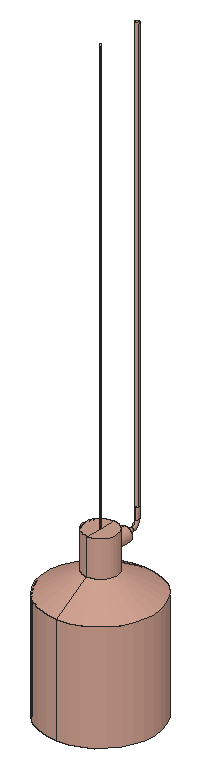
Revit family "Lighting_Pendants_Zero_Silo_Pendant", category Lighting Fixtures, Revit 2020
Family settings
  Round Connector Dimension = Use Diameter
  Part Type = Normal
  OmniClass Number = 23.80.70.00
  OmniClass Title = Lighting
  Work Plane-Based = Yes
  Always vertical = Yes
  Cut with Voids When Loaded = No
  Light Source = Yes
  Shared = No
  Room Calculation Point = No
Parameters (values of type "Silo Pendant E27/Max 50W Apricot")
  Youtube clip = ""
  Weight Net (Kg) = "0.8"
  Wattage = 3.82384 W
  WarrantyStartDate [instance] = "n/a"
  WarrantyGuarantorParts = "n/a"
  WarrantyGuarantorLabor = "n/a"
  WarrantyDurationUnit = "Year"
  WarrantyDurationParts = "n/a"
  WarrantyDurationLabor = "n/a"
  WarrantyDescription = "n/a"
  built-in parameter 1150110 = 1 (stored number, unit not read)
  VersionDate = "31/08/2023"  # constant formula
  Version = "3"  # constant formula
  UsageCurrent = 0 A
  Uniformat II Description = ""
  Uniformat II Code = ""
  Uniclass2015Reference = "Pr_70_70_48_86"
  Uniclass2015Description = "Suspended luminaires"
  Uniclass2 = "Pr_70_70_49_86"
  Uniclass 2015 Name = ""
  Uniclass 2015 Code = ""
  Uniclass 2.0 Description = ""
  Uniclass 2.0 Code = ""
  Uniclass 1.4 Description = ""
  Uniclass 1.4 Code = ""
  URL = "https://www.zerolighting.com/silo-inompe/"
  UNSPSC Code = ""
  TotalWattage = 50 W
  built-in parameter 1114217 = 1 (stored number, unit not read)
  Tilt Angle = 90.00°
  built-in parameter 1150109 = 1 (stored number, unit not read)
  built-in parameter 1150134 = (empty or 0)
  Technical description = ""
  TagNumber [instance] = "n/a"
  SustainabilityPerformance = "n/a"
  built-in parameter 1150113 = 1 (stored number, unit not read)
  Size = "150x150x230 mm"
  Shape = "Sculptured"
  SerialNumber [instance] = "n/a"
  Revision = "5"  # constant formula
  ReplacementCost = "n/a"
  Region South America = "All"
  Region Oceania = "All"
  Region North America = "All"
  Region Middle East = "All"
  Region Europe = "All"
  Region Asia = "All"
  Region Antarctica = "All"
  Region Africa = "All"
  ProductInformation = "A small, iconic fixture inspired by the classical silhouette of a grain silo. This shape was refined during the design phase to finally become a minimalistic pendant with a distinct industrial character"
  Product group = "Pendant"
  Product family = "Silo"
  Product certification = ""
  Product SKU = "Silo_pendant"
  Product Guid = "d74affab-f3a6-4d36-baa1-2a983cf42c83"
  Photometric Web File = "Silo8205-LED_IES.IES"
  PhaseReference = "n/a"
  PhaseAngle = 0.00°
  OmniClass Description = ""
  OmniClass Code = ""
  NumberOfSources = 0
  NumberOfPoles = 1
  NominalVoltageCalc = 0 V
  NominalVoltage = 230 V
  NominalRadius = 75 mm
  NominalLength = 150 mm
  NominalFrequencyRange = 50 Hz
  NominalDiameter = 150 mm
  NominalCurrent = 0 A
  Nominal width = 150 mm
  Nominal height = 230 mm
  Name = "Zero_Silo_Pendant"  # constant formula
  NBSReference = "90-60-50/405"
  NBSDescription = "General purpose luminaires"
  NBS Reference Description = ""
  NBS Reference Code = ""
  ModelReference = "n/a"
  ModelNumber = "8205-1-17"
  Model = "Silo Pendant E27/Max 50W Apricot"
  Material secondary = ""
  Material main = "Aluminium"
  Material = "Aluminium and steel"
  Masterformat 2014 Description = ""
  Masterformat 2014 Code = ""
  ManufacturersSpecificInformation = "n/a"
  ManufacturerURL = "https://www.zerolighting.com/"
  ManufacturerName = "Zero"
  Manufacturer name = "ZERO"
  Manufacturer country = "Sweden"
  Manufacturer = "Zero"
  MaintenanceFactor = 0
  Lumens = 568 lm
  built-in parameter 1150115 = 1 (stored number, unit not read)
  built-in parameter 1150105 = 45.2 (stored number, unit not read)
  LightFixturePlacingType = "Ceiling"
  LightFixtureMountingType = "Suspended"
  LightFixtureMainMaterial = Apricot RAL 3012
  built-in parameter 1150137 = (empty or 0)
  built-in parameter 1150139 = (empty or 0)
  built-in parameter 1150112 = 1 (stored number, unit not read)
  built-in parameter 1150114 = 1 (stored number, unit not read)
  InsulationStandardClass = "n/a"
  InstallationDate [instance] = "n/a"
  Installation instructions = ""
  built-in parameter 1150132 = 2
  built-in parameter 1150102 = (empty or 0)
  built-in parameter 1150138 = (empty or 0)
  built-in parameter 1150107 = 3000 (stored number, unit not read)
  built-in parameter 1150106 = 0.452 (stored number, unit not read)
  IfcExportType = "NOTDEFINED"  # constant formula
  IfcExportAs = "IfcLightFixtureType"  # constant formula
  IP_Code = "IP20"
  IFC Classification = ""
  HasProtectiveEarth = no
  Grade = "n/a"
  GTIN code = ""
  Finish = "Painted aluminum and steel. Diffusor in matt acrylic."
  Features = "Terminal block 2x2,25mm2. Installation: Pendant, 2 m cable."
  ExpectedLife = "n/a"
  ElectricalDeviceNominalPower = 0
  built-in parameter 1150104 = 13.8 (stored number, unit not read)
  Edition number = 1
  EANNumber = "n/a"
  DurationUnit = "Year"
  Dimming Lamp Color Temperature Shift = <None>
  Designer = "Note Design Studio"
  Design country = "Sweden"
  Description = "A small, iconic fixture inspired by the classical silhouette of a grain silo. This shape was refined during the design phase to finally become a minimalistic pendant with a distinct industrial character"
  DefaultElevation = 0 mm
  Default Elevation [instance] = 1219.2 mm
  Date of publishing = ""
  Constituents = "n/a"
  Color Filter = 16777215
  Color = "Apricot"
  Collection = "Silo"
  CodePerformance = "n/a"
  Category = "Pendant"
  CableLength [instance] = 600 mm
  COBIe Type Category = ""
  Brand url = "http://www.zero.se"
  Brand = "Zero"
  Barcode [instance] = "n/a"
  built-in parameter 1114218 = 1 (stored number, unit not read)
  BIMObjectName = "Lighting_Pendants_Zero_Silo_Pendant"  # constant formula
  Author = "BIMstone"  # constant formula
  built-in parameter 1150133 = 10 (stored number, unit not read)
  AssetType = "Fixed"
  AssetIdentifier [instance] = "n/a"
  ArticleNumber = "8205-1-17"
  AccessibilityPerformance = "n/a"
Types (7, lengths in mm): name | ModelNumber | Model | LightFixtureMainMaterial | Color | ArticleNumber
  Silo Pendant E27/Max 50W White | "8205-1-01" | "Silo Pendant E27/Max 50W White" | White RAL 9010 | "White" | "8205-1-01"
  Silo Pendant E27/Max 50W Black | "8205-1-06" | "Silo Pendant E27/Max 50W Black" | Black RAL 9005 | "Black" | "8205-1-06"
  Silo Pendant E27/Max 50W Grey | "8205-1-11" | "Silo Pendant E27/Max 50W Grey" | Grey RAL 7030 | "Grey" | "8205-1-11"
  Silo Pendant E27/Max 50W Green | "8205-1-12" | "Silo Pendant E27/Max 50W Green" | Green RAL 6021 | "Green" | "8205-1-12"
  Silo Pendant E27/Max 50W Yellow | "8205-1-14" | "Silo Pendant E27/Max 50W Yellow" | Yellow RAL 1018 | "Yellow" | "8205-1-14"
  Silo Pendant E27/Max 50W Apricot | "8205-1-17" | "Silo Pendant E27/Max 50W Apricot" | Apricot RAL 3012 | "Apricot" | "8205-1-17"
  Silo Pendant E27/Max 50W Ivory | "8205-1-46" | "Silo Pendant E27/Max 50W Ivory" | Ivory RAL 1015 | "Pink" | "8205-1-46"
Reference planes
  plane 1 "Light Source Axis (F/B)": y = 0
  plane 2: z = 0
  plane 3 "Light Source Axis (L/R)": x = 0
  plane 4 "Ceiling": z = 0
  plane 5 "Light Source Elevation": z = -790
  plane 6: y = 75
  plane 7: y = -75
  plane 8: z = -600
  plane 9: z = -830
  plane 10: x = -75
  plane 11: x = 75
  plane 12: z = 0
Forms (mm)
  Extrusion 1, solid, material "White RAL 9010", detail levels medium+fine
    sketch origin (0, 0, -790) x (-1, 0, 0) y (0, -1, 0)
      loop
        circle (0, 0) r 1
    from 190 to 790
  Extrusion 2, solid, material "Apricot RAL 3012" <- "LightFixtureMainMaterial", detail levels medium+fine
    sketch origin (0, 0, -790) x (1, 0, 0) y (0, 1, 0)
      loop
        circle (0, 63.5) r 2.5
    from 190 to 790
  Extrusion 3, solid, material "Apricot RAL 3012" <- "LightFixtureMainMaterial", detail levels coarse
    sketch origin (0, 0, -790) x (-1, 0, 0) y (0, -1, 0)
      loop
        line (75, 75) -> (-75, 75) -> (-75, -75) -> (75, -75) -> (75, 75)
    from -40 to 790
Lines and regions (mm)
  symbolic lines, detail levels medium+fine
    curve 1: line (0, 0.963, 0) -> (0, 0.963, -600)
    curve 2: line (0, -0.989, -600) -> (0, -0.989, 0)
    curve 3: line (0, 61, -600) -> (0, 61, 0)
    curve 4: line (0, 66, 0) -> (0, 66, -600)
    curve 5: line (2.5, 0, -600) -> (2.5, 0, 0)
    curve 6: line (-2.5, 0, 0) -> (-2.5, 0, -600)
Dimensions and locks
  equal spacing: plane 6, plane 1 "Light Source Axis (F/B)", plane 7
  plane 6 to plane 7 = 150 mm
  "CableLength": plane 8 to level
  plane 9 to plane 8 = 230 mm
  locked: plane 5 "Light Source Elevation" to plane 8 at 190
  aligned and locked: plane 3 "Light Source Axis (L/R)" to imposter light
  aligned and locked: plane 1 "Light Source Axis (F/B)" to imposter light
  aligned and locked: level to Extrusion 1
  aligned and locked: Extrusion 1 to plane 8
  aligned and locked: level to Extrusion 2
  aligned and locked: nested 1 to plane 9
  aligned and locked: imposter light to plane 5 "Light Source Elevation"
  aligned and locked: Extrusion 2 to plane 8
  aligned and locked: Extrusion 3 to nested 1
  aligned and locked: level to Extrusion 3
Automatic sketch dimensions
  plane 1 "Light Source Axis (F/B)" to Extrusion 1 sketch curve = 0 mm
  Extrusion 1 sketch curve to plane 3 "Light Source Axis (L/R)" = 0 mm
  Extrusion 2 sketch curve to plane 3 "Light Source Axis (L/R)" = 0 mm
  plane 6 to Extrusion 2 sketch curve = 11.5 mm
  curve 2 to plane 8 = 0 mm
  curve 2 to level = 0 mm
  curve 1 to plane 8 = 0 mm
  curve 1 to level = 0 mm
  curve 3 to level = 0 mm
  curve 3 to plane 8 = 0 mm
  curve 4 to plane 8 = 0 mm
  curve 4 to level = 0 mm
  plane 1 "Light Source Axis (F/B)" to curve 2 = 0.989 mm
  curve 1 to plane 1 "Light Source Axis (F/B)" = 0.963 mm
  curve 3 to plane 6 = 14 mm
  curve 3 to curve 4 = 5 mm
  curve 6 to level = 0 mm
  curve 6 to plane 8 = 0 mm
  curve 5 to level = 0 mm
  curve 5 to plane 8 = 0 mm
  curve 6 to plane 3 "Light Source Axis (L/R)" = 2.5 mm
  plane 3 "Light Source Axis (L/R)" to curve 5 = 2.5 mm
  Extrusion 3 sketch curve to plane 7 = 0 mm
  Extrusion 3 sketch curve to plane 11 = 0 mm
  Extrusion 3 sketch curve to plane 6 = 0 mm
  Extrusion 3 sketch curve to plane 10 = 0 mm
Nested families
  nested 1: "silo-pendant" at (0, 0, -830), Material1 <- "LightFixtureMainMaterial", Material2 <- "LightFixtureMainMaterial", type "silo-pendant"
    with Material3 none, Material2 Apricot RAL 3012, Material1 Apricot RAL 3012
Connectors
  electrical at (0, 63.5, 0), driven by "NominalVoltage"
    settings: on Extrusion 2, index 1, voltage 230 V, apparent load 0 VA, apparent load phase1 0 VA, apparent load phase2 0 VA, apparent load phase3 0 VA, power factor 1, load classification "Other", number of poles 1, system type 31, power factor state 1, is connector primary yes, connector utility no, sub classification motor no, connector description ""
Definition of nested family "silo-pendant"
  Parameters (values of type "silo-pendant")
    Material3 [instance] = none
    Material2 [instance] = none
    Material1 [instance] = none
    Default Elevation = 0 mm
  Reference planes
    plane 1 "Center (Front/Back)": y = 0
    plane 2: z = 0
    plane 3 "Center (Left/Right)": x = 0
  Forms (mm)
    Revolve 1, solid, material <- "Material2", detail levels medium+fine
      sketch origin (0, -23.514, -1107.374) x (0, 1, 0) y (0, 0, 1)
        loop
          line (98.514, 1107.374) -> (98.514, 1257.374) -> (46.014, 1287.378) -> (46.014, 1337.374) -> (23.514, 1337.374) -> (23.514, 1336.374) -> (45.014, 1336.374) -> (45.014, 1286.798) -> (97.514, 1256.794) -> (97.514, 1107.374) -> (98.514, 1107.374)
        axis (23.514, 1337.374) -> (23.514, 1107.374)
      angle from 0 to 360
    Revolve 2, solid, material <- "Material2", detail levels medium+fine
      sketch origin (0, -23.514, 0) x (0, 1, 0) y (0, 0, 1)
        loop
          line (42.151, 204.712) -> (66.014, 204.712) -> (67.014, 204.712) -> (67.014, 212.702) -> (66.014, 212.702) -> (66.014, 214.712) -> (42.151, 214.712) -> (42.151, 204.712)
        axis (67.014, 204.712) -> (42.151, 204.712)
      angle from 0 to 360
    Sweep 3, solid, material <- "Material2", detail levels medium+fine
      path in 3D
        loop
          line (0, 43.5, 204.712) -> (0, 53.5, 204.712)
          arc (0, 53.5, 204.712) -> (0, 60.571, 207.641) -> (0, 63.5, 214.712) r 10
          line (0, 63.5, 214.712) -> (0, 63.5, 230)
      profile origin (0, 48.5, 204.712) x (0, 0, 1) y (1, 0, 0)
        loop
          circle (0, 0) r 2.5
  Cuts and joins
    joined: Revolve 1, Revolve 2
  Lines and regions (mm)
    sketch lines
      curve 1: line (0, 43.5, 204.712) -> (0, 53.5, 204.712)
      curve 2: arc (0, 53.5, 204.712) -> (0, 60.571, 207.641) -> (0, 63.5, 214.712) r 10
      curve 38: line (0, 63.5, 214.712) -> (0, 63.5, 230)
    symbolic lines, detail levels medium+fine
      curve 3: line (0, 75, 0) -> (0, 75, 150)
      curve 4: line (0, 75, 150) -> (0, 22.5, 180.004)
      curve 5: line (0, 22.5, 180.004) -> (0, 22.5, 194.712)
      curve 6: line (0, 22.5, 230) -> (0, -22.5, 230)
      curve 7: line (0, -22.5, 230) -> (0, -22.5, 180.004)
      curve 8: line (0, -22.5, 180.004) -> (0, -75, 150)
      curve 9: line (0, -75, 150) -> (0, -75, 0)
      curve 10: line (0, -75, 0) -> (0, 75, 0)
      curve 11: line (0, 42.5, 214.712) -> (0, 22.5, 214.712)
      curve 12: line (0, 42.5, 194.712) -> (0, 22.5, 194.712)
      curve 13: line (0, 42.5, 194.712) -> (0, 42.5, 196.721)
      curve 14: line (0, 43.5, 212.702) -> (0, 43.5, 196.721)
      curve 15: line (0, 43.5, 196.721) -> (0, 42.5, 196.721)
      curve 16: line (0, 43.5, 212.702) -> (0, 42.5, 212.702)
      curve 17: line (0, 43.5, 207.177) -> (0, 53.915, 207.177)
      curve 18: line (0, 43.5, 202.177) -> (0, 53.915, 202.177)
      curve 19: arc (0, 66, 214.712) -> (0, 62.483, 206.009) -> (0, 53.915, 202.177) r 12.554
      curve 20: arc (0, 61, 214.712) -> (0, 58.968, 209.524) -> (0, 53.915, 207.177) r 7.486
      curve 21: line (0, 22.5, 214.712) -> (0, 22.5, 230)
      curve 23: line (0, 42.5, 212.702) -> (0, 42.5, 214.712)
      curve 27: line (-75, 0, 0) -> (-75, 0, 150)
      curve 28: line (-75, 0, 150) -> (-22.5, 0, 180.004)
      curve 29: line (-22.5, 0, 180.004) -> (-22.5, 0, 230)
      curve 30: line (-22.5, 0, 230) -> (22.5, 0, 230)
      curve 31: line (22.5, 0, 230) -> (22.5, 0, 180.004)
      curve 32: line (22.5, 0, 180.004) -> (75, 0, 150)
      curve 33: line (75, 0, 150) -> (75, 0, 0)
      curve 34: line (75, 0, 0) -> (-75, 0, 0)
      curve 37: circle (0, 0, 0) r 75 normal (0, 0, 1)
      curve 39: line (0, 66, 230) -> (0, 66, 214.712)
      curve 40: line (0, 61, 214.712) -> (0, 61, 230)
    symbolic lines, detail levels fine
      curve 22: line (0, 22.5, 194.712) -> (0, 22.5, 214.712)
      curve 24: line (0, 42.5, 196.721) -> (0, 42.5, 212.702)
      curve 25: line (0, 22.5, 180.004) -> (0, -22.5, 180.004)
      curve 26: line (0, 75, 150) -> (0, -75, 150)
      curve 35: line (-75, 0, 150) -> (75, 0, 150)
      curve 36: line (-22.5, 0, 180.004) -> (22.5, 0, 180.004)
      curve 41: arc (0, -22.5, 0) -> (22.5, 0, 0) -> (0, 22.5, 0) r 22.5
      curve 42: arc (0, 22.5, 0) -> (-22.5, 0, 0) -> (0, -22.5, 0) r 22.5
  Dimensions and locks
    aligned and locked: level to plane 2
